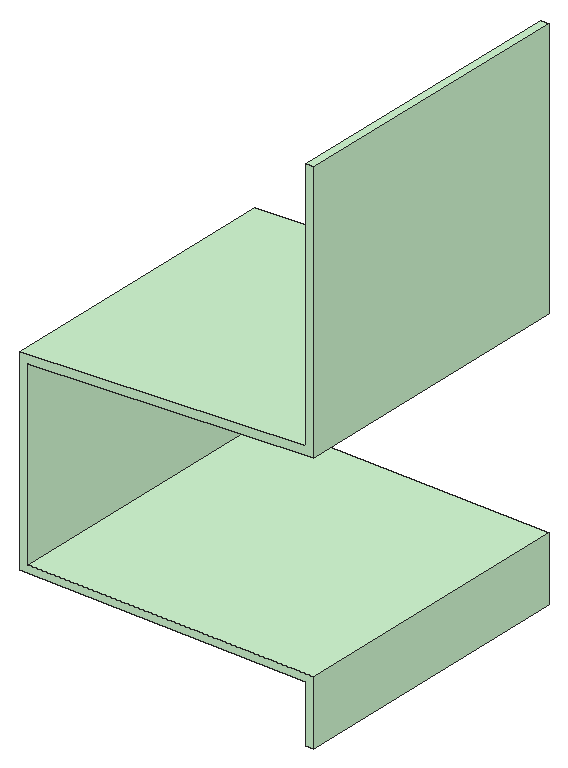
Revit family "mawaribuchi-itaosae", category 機械設備, Revit 2022
Family settings
  丸型コネクタ寸法 = 直径を使用
  種別 = なし
  パーツ タイプ = 標準
  作業面ベース = いいえ
  常に垂直 = はい
  ロード時にボイドで切り取り = いいえ
  注釈の向きを維持 = いいえ
  共有 = いいえ
  部屋計算ポイント = いいえ
Parameters
  製造元 = "株式会社桐井製作所"
  既定の高さ = 0 mm
  URL = "https://www.kirii.co.jp/"
  K_材質 = "SUS バネ鋼"
  K_品名 = "廻り縁イタオサエ"
  K_名称 = "仕上げ材オサエ"
  K_入数 = "500"
  K_バージョン情報 = "20220411"
Reference planes
  plane 1 "中心(正面/背面)": y = 0
  plane 2: z = 0
  plane 3 "中心(左/右)": x = 0
Forms (mm)
  Extrusion 1, solid
    sketch origin (0.4, -7.5, 0) x (1, 0, 0) y (0, 0, 1)
      loop
        line (0, 0.4) -> (-14.6, 0.4) -> (-14.6, 9.6) -> (0, 10.423) -> (0, 24.4) -> (-0.4, 23.707) -> (-0.4, 10.8) -> (-15, 9.977) -> (-15, 0) -> (-0.4, 0) -> (-0.4, -2.907) -> (0, -3.6) -> (0, 0.4)
    from -7.5 to 7.5
  Extrusion 2, void
    sketch origin (0.088, 0, 0) x (1, 0, 0) y (0, 0, 1)
      loop
        line (0.407, 24.639) -> (-0.388, 24.639) -> (-0.388, 23.706) -> (0.407, 23.706) -> (0.407, 24.639)
    from 0 to 15
  Extrusion 3, void
    sketch origin (0.088, 0, 20.909) x (1, 0, 0) y (0, 0, 1)
      loop
        line (0.726, -24.696) -> (0.726, -23.794) -> (-0.088, -23.794) -> (-0.088, -24.696) -> (0.726, -24.696)
    from 0 to 15
Cuts and joins
  Extrusion 2, Extrusion 3 cuts Extrusion 1
Dimensions and locks
  aligned and locked: level to plane 2
